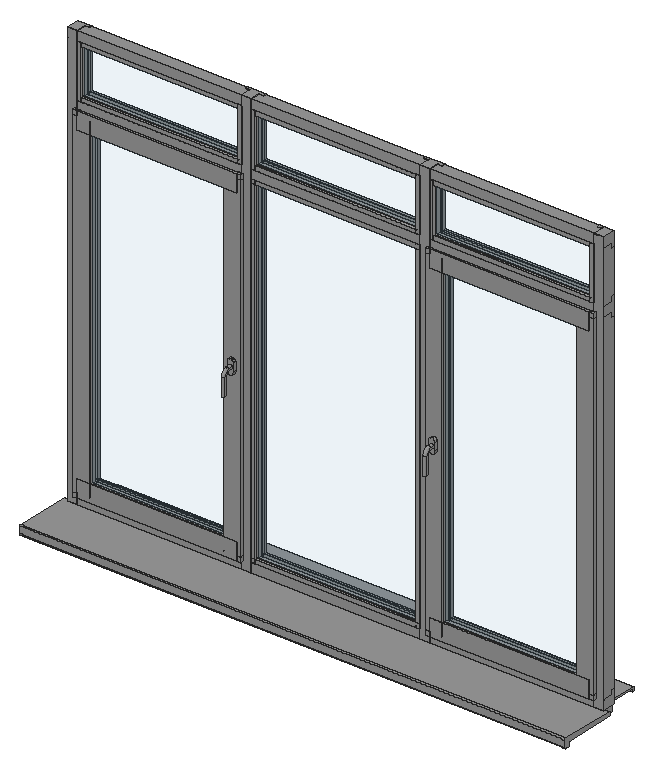
Revit family "deceuninck_okonniy_blok_trehstvorchatiy_s_verhnimi_framugami", category Windows, host Wall, Revit 2016
Family settings
  Host = Wall
  OmniClass Number = 23.30.20.00
  OmniClass Title = Windows
  Always vertical = Yes
  Cut with Voids When Loaded = No
  Shared = No
  Room Calculation Point = No
Parameters (values of type "Энвин ЭК- 60")
  Ширина профиля = 60 mm
  Ширина проема [instance] = ADSK_Ширина рамы + Монтажный зазор.Левый + Монтажный зазор.Правый  # 2440 mm
  Шир прав створка [instance] = if(Одинковые створки, ADSK_Ширина рамы / 3, Створка правая.Ширина)  # 800 mm
  Шир лев створка [instance] = if(Одинковые створки, ADSK_Ширина рамы / 3, Створка левая.Ширина)  # 800 mm
  Четверть.Ширина [instance] = 65 mm
  Четверть.Правая [instance] = if(and(Четверть правая.Видимость, Четверть), Четверть.Ширина, 0 mm)  # 65 mm
  Четверть.Левая [instance] = if(and(Четверть левая.Видимость, Четверть), Четверть.Ширина, 0 mm)  # 65 mm
  Четверть.Глубина [instance] = 120 mm
  Четверть.Высота [instance] = 65 mm
  Четверть правая.Видимость [instance] = yes
  Четверть левая.Видимость [instance] = yes
  Четверть.Врхняя [instance] = if(Четверть, Четверть.Высота, 0 mm)  # 65 mm
  Четверть [instance] = yes
  Цвет профиля = ""
  Формула стеклопакета = ""
  Толщина стеклопакета = "32"
  Стеклопакет.Толщина = 32 mm
  Створка.Высота [instance] = 1600 mm
  Створка центральная [instance] = stvorka : Глухая
  Створка правая.Ширина [instance] = 800 mm
  Створка правая [instance] = stvorka : Поворотная право
  Створка центральная.Ширина [instance] = ADSK_Ширина рамы - Шир прав створка - Шир лев створка  # 800 mm
  Створка левая.Ширина [instance] = 800 mm
  Створка левая [instance] = stvorka : Поворотная лево
  Система фурнитуры [instance] = ""
  Расчетное значение ветровой нагрузки [instance] = 400
  Рама.Окно.Ширина [instance] = 2400 mm
  Рама.Окно.Высота [instance] = 1900 mm
  Профильная система = "Энвин ЭКО 60"
  Проем.Окно.Ширина [instance] = 2440 mm
  Проем.Окно.Высота [instance] = 1955 mm
  Приточный клапан [instance] = yes
  Watermarked By = ""
  Rough Width = 0 mm  # constant formula
  Rough Height = 0 mm  # constant formula
  Подоконник.Глубина [instance] = 0 mm
  Подоконник. Видимость [instance] = yes
  Подоконник [instance] = podokonnik : ПВХ 250
  Площаль элемента [instance] = ADSK_Ширина рамы * ADSK_Высота рамы / 1000000 mm  # 4.56 mm
  Отлив.Свес [instance] = 35 mm
  Отлив.Видимость [instance] = yes
  Откосы.Глубина [instance] = 310 mm
  Одинковые створки [instance] = no
  Огнестойкость = "Е-15"
  Наименование = "Окно 3-створчатое с фрамугами сверху Энвин ЭКО-60"
  Монтажный зазор.Спереди [instance] = 10 mm
  Монтажный зазор.Правый [instance] = if(Четверть правая.Видимость, Монтажный зазор.Боковой, 0 mm)  # 20 mm
  Монтажный зазор.Низ [instance] = 10 mm
  Монтажный зазор.Левый [instance] = if(Четверть левая.Видимость, Монтажный зазор.Боковой, 0 mm)  # 20 mm
  Монтажный зазор.Верх [instance] = 20 mm
  Монтажный зазор.Боковой = 20 mm
  Материал-Стеклопакет = none
  Материал-Рама = none
  Материал-Подоконник = ПВХ, белый
  Материал-Отлив = Лист оцинкованый, белый
  Класс профиля = "Тип В"
  Завод-изготовитель [instance] = "ООО Декёнинк Рус, Россия"  # constant formula
  ГОСТ = "ГОСТ 30673-2013"
  Высота профиля створки = 76 mm
  Высота профиля рамы = 62 mm
  Высота профиля имоста = 82 mm
  Высота проема [instance] = ADSK_Высота рамы + 25 mm + Монтажный зазор.Верх + Монтажный зазор.Низ  # 1955 mm
  Height = 0 mm  # constant formula
  Высота подоконника по умолчанию = 800 mm
  Wall Closure = By host
  Width = 0 mm  # constant formula
  Артикул створки/армирование рстворки = "ZE 60D  /  AR1"
  Артикул рамы/армирование рамы = "LE 60D  /  AR1"
  Артикул импоста/армирование импоста = "TE 60D  /  20 x 35"
  Analytic Construction = "<Нет>"
  λ краевой зоны стеклопакета = 0.0600 (m²·K)/W
  Rстеклопакета = 0.7600 (m²·K)/W
  Rпрофиля = 0.6800 (m²·K)/W
  Rпривед [instance] = 1 / (((Ширина профиля / 1000 mm) * (5.4 - 4 * (Ширина профиля / 1000 mm)) / (1.8 * Rпрофиля / Rед)) + ((1.2 - 2 * (Ширина профиля / 1000 mm)) * (1.5 - 2 * (Ширина профиля / 1000 mm)) / (1.8 * Rстеклопакета / Rед)) + (5.4 - 8 * (Ширина профиля / 1000 mm)) * (λ краевой зоны стеклопакета / Rед))  # 0.61064
  Rед = 1.0000 (m²·K)/W
  Iфактич [instance] = ""
  Iтреб [instance] = if(or(Шир лев створка > Шир прав створка, Шир лев створка = Шир прав створка), ((Расчетное значение ветровой нагрузки / 1000000) * ((ADSK_Высота рамы / 10) ^ 4) * (Шир лев створка / 20) / (1 mm * 1920 mm * 210000 mm * (ADSK_Высота рамы / 3000)) * (25 - (40 * ((Шир лев створка / ADSK_Высота рамы) ^ 2)) + (16 * ((Шир лев створка / ADSK_Высота рамы) ^ 4)))) + ((Расчетное значение ветровой нагрузки / 1000000) * ((ADSK_Высота рамы / 10) ^ 4) * (Створка центральная.Ширина / 20) / (1 mm * 1920 mm * 210000 mm * (ADSK_Высота рамы / 3000)) * (25 - (40 * ((Створка центральная.Ширина / ADSK_Высота рамы) ^ 2)) + (16 * ((Створка центральная.Ширина / ADSK_Высота рамы) ^ 4)))), ((Расчетное значение ветровой нагрузки / 1000000) * ((ADSK_Высота рамы / 10) ^ 4) * (Створка центральная.Ширина / 20) / (1 mm * 1920 mm * 210000 mm * (ADSK_Высота рамы / 3000)) * (25 - (40 * ((Створка центральная.Ширина / ADSK_Высота рамы) ^ 2)) + (16 * ((Створка центральная.Ширина / ADSK_Высота рамы) ^ 4)))) + ((Расчетное значение ветровой нагрузки / 1000000) * ((ADSK_Высота рамы / 10) ^ 4) * (Шир прав створка / 20) / (1 mm * 1920 mm * 210000 mm * (ADSK_Высота рамы / 3000)) * (25 - (40 * ((Шир прав створка / ADSK_Высота рамы) ^ 2)) + (16 * ((Шир прав створка / ADSK_Высота рамы) ^ 4)))))  # 3.007 mm
  ADSK_Ширина рамы [instance] = 2400 mm
  ADSK_Позиция [instance] = ""
  ADSK_Высота рамы [instance] = 1900 mm
Reference planes
  plane 1 "По центру (Вперед/Назад)": y = 0
  plane 2 "По центру (Влево/Вправо)": x = 0
  plane 3 "Подоконник": z = 800
  plane 4 "Наружный": y = 250
  plane 5 "Внутренние": y = -250
  plane 6: x = -1220
  plane 7: x = 1220
  plane 8: x = -1155
  plane 9: x = 1155
  plane 10: y = 130
  plane 11: z = 2700
  plane 12: x = -1200
  plane 13: x = 1200
  plane 14: z = 775
  plane 15: z = 2720
  plane 16: z = 765
  plane 17: z = 2655
  plane 18: y = 120
  plane 19: y = 60
  plane 20: x = -1138
  plane 21: x = 1138
  plane 22: z = 2638
  plane 23: z = 862
  plane 24: x = 400
  plane 25: x = 359
  plane 26: x = 441
  plane 27: y = 107
  plane 28: y = 70
  plane 29: y = 450
  plane 30: x = -400
  plane 31: x = -441
  plane 32: x = -359
  plane 33: z = 2400
Forms (mm)
  Extrusion 1, void
    sketch origin (0, -250, 0) x (1, 0, 0) y (0, 0, 1)
      loop
        line (-1220, 2720) -> (-1220, 765) -> (1220, 765) -> (1220, 2720) -> (-1220, 2720)
    from 0 to -380
  Extrusion 2, void
    sketch origin (-2200.521, 130, 1000) x (1, 0, 0) y (0, 0, 1)
      loop
        line (1045.521, 1655) -> (1045.521, -235) -> (3355.521, -235) -> (3355.521, 1655) -> (1045.521, 1655)
    from 0 to -320
  Extrusion 3, solid, material <- "Материал-Рама", detail levels fine
    sketch origin (0, 0, 800) x (0, -1, 0) y (-1, 0, 0)
      loop
        line (-120, 1200) -> (-120, 1138) -> (-107, 1138) -> (-107, 1158) -> (-60, 1158) -> (-60, 1200) -> (-120, 1200)
      loop
        line (-120, -1138) -> (-120, -1200) -> (-60, -1200) -> (-60, -1158) -> (-107, -1158) -> (-107, -1138) -> (-120, -1138)
    from 0 to -1900
  Extrusion 4, solid, material <- "Материал-Рама", detail levels fine
    sketch origin (-750, 0, 0) x (0, -1, 0) y (0, 0, 1)
      loop
        line (-60, 800) -> (-60, 842) -> (-107, 842) -> (-107, 862) -> (-120, 862) -> (-120, 800) -> (-60, 800)
      loop
        line (-60, 2658) -> (-60, 2700) -> (-120, 2700) -> (-120, 2638) -> (-107, 2638) -> (-107, 2658) -> (-60, 2658)
    from 450 to -1950
  Extrusion 5, solid, material <- "Материал-Рама", detail levels fine
    sketch origin (0, 0, 800) x (0, -1, 0) y (-1, 0, 0)
      loop
        line (-120, -359) -> (-120, -441) -> (-107, -441) -> (-107, -421) -> (-60, -421) -> (-60, -379) -> (-107, -379) -> (-107, -359) -> (-120, -359)
    from 0 to -1900
  Extrusion 6, solid, material <- "Материал-Рама"
    sketch origin (-233.865, 107, 2257) x (0, 0, 1) y (-1, 0, 0)
      loop
        line (-1457, 966.135) -> (-1482, 966.135) -> (-1482, -1433.865) -> (-1457, -1433.865) -> (-1457, 966.135)
    from 0 to 37
  Extrusion 7, solid, material "Лист оцинкованый, белый" <- "Материал-Отлив", visible <- "Отлив.Видимость", detail levels fine
    sketch origin (1155, 531.754, 1000) x (0, 1, 0) y (0, 0, 1)
      loop
        line (-424.754, -225) -> (-251.754, -225) -> (-251.754, -235) -> (-246.754, -235) -> (-246.754, -220) -> (-424.754, -215) -> (-424.754, -225)
    from 0 to -2310
  Extrusion 8, solid, detail levels medium
    sketch origin (0, 0, 800) x (0, -1, 0) y (-1, 0, 0)
      loop
        line (-120, 1200) -> (-120, 1138) -> (-60, 1138) -> (-60, 1200) -> (-120, 1200)
      loop
        line (-120, -1200) -> (-60, -1200) -> (-60, -1138) -> (-120, -1138) -> (-120, -1200)
    from 0 to -1900
  Extrusion 9, solid, detail levels medium
    sketch origin (-750, 0, 0) x (0, -1, 0) y (0, 0, 1)
      loop
        line (-120, 2700) -> (-120, 2638) -> (-60, 2638) -> (-60, 2700) -> (-120, 2700)
      loop
        line (-60, 800) -> (-60, 862) -> (-120, 862) -> (-120, 800) -> (-60, 800)
    from -1950 to 450
  Extrusion 10, solid, detail levels coarse
    sketch origin (-750, 0, 0) x (0, -1, 0) y (0, 0, 1)
      loop
        line (-120, 2589) -> (-47, 2589) -> (-47, 2700) -> (-120, 2700) -> (-120, 2589)
      loop
        line (-47, 800) -> (-47, 911) -> (-120, 911) -> (-120, 800) -> (-47, 800)
      loop
        line (-47, 2489) -> (-120, 2489) -> (-120, 2311) -> (-47, 2311) -> (-47, 2489)
    from -1950 to 450
  Extrusion 11, solid, detail levels medium
    sketch origin (0, 0, 800) x (0, -1, 0) y (-1, 0, 0)
      loop
        line (-120, -379) -> (-120, -421) -> (-60, -421) -> (-60, -379) -> (-120, -379)
    from 0 to -1900
  Extrusion 12, solid, detail levels fine
    sketch origin (0, 0, 800) x (0, -1, 0) y (-1, 0, 0)
      loop
        line (-120, 441) -> (-120, 359) -> (-107, 359) -> (-107, 379) -> (-60, 379) -> (-60, 421) -> (-107, 421) -> (-107, 441) -> (-120, 441)
    from 0 to -1900
  Extrusion 13, solid, detail levels medium
    sketch origin (0, 0, 0) x (1, 0, 0) y (0, 1, 0)
      loop
        line (-421, 120) -> (-421, 60) -> (-379, 60) -> (-379, 120) -> (-421, 120)
    from 800 to 2700
  Extrusion 14, solid, detail levels coarse
    sketch origin (0, 0, 0) x (1, 0, 0) y (0, 1, 0)
      loop
        line (310, 120) -> (310, 47) -> (489, 47) -> (489, 120) -> (310, 120)
    from 800 to 2700
  Extrusion 15, solid, detail levels coarse
    sketch origin (0, 0, 0) x (1, 0, 0) y (0, 1, 0)
      loop
        line (-489, 120) -> (-489, 47) -> (-310, 47) -> (-310, 120) -> (-489, 120)
    from 800 to 2700
  Extrusion 16, solid, detail levels coarse
    sketch origin (0, 0, 0) x (1, 0, 0) y (0, 1, 0)
      loop
        line (-1200, 120) -> (-1200, 47) -> (-1090, 47) -> (-1090, 120) -> (-1200, 120)
      loop
        line (1090, 120) -> (1090, 47) -> (1200, 47) -> (1200, 120) -> (1090, 120)
    from 800 to 2700
  Extrusion 17, solid, detail levels medium+fine
    sketch origin (0, 0, 0) x (0, -1, 0) y (0, 0, 1)
      loop
        line (-120, 2359) -> (-107, 2359) -> (-107, 2379) -> (-60, 2379) -> (-60, 2421) -> (-107, 2421) -> (-107, 2441) -> (-120, 2441) -> (-120, 2359)
    from -1200 to 1200
  Extrusion 18, solid, detail levels medium
    sketch origin (-750, 0, 0) x (0, -1, 0) y (0, 0, 1)
      loop
        line (-60, 2421) -> (-120, 2421) -> (-120, 2379) -> (-60, 2379) -> (-60, 2421)
    from -1950 to 450
Lines and regions (mm)
  symbolic lines, style "Windows"
    curve 1: line (-1200, 130, 0) -> (1200, 130, 0)
Text (mm)
  text "Наружный" at (0, 923.751, 2943.296), in view "Справа"
  text "Наружный" at (0, 1040.484, 2685.409), in view "Слева"
Dimensions and locks
  "Высота подоконника по умолчанию": plane 3 "Подоконник" to level
  locked: plane 4 "Наружный" to host wall at 0
  locked: plane 5 "Внутренние" to host wall
  "Четверть.Глубина": plane 10 to plane 4 "Наружный"
  "ADSK_Высота рамы": plane 11 to plane 3 "Подоконник"
  "Монтажный зазор.Верх": plane 15 to plane 11
  locked: plane 3 "Подоконник" to plane 14 at 25
  "Монтажный зазор.Низ": plane 14 to plane 16
  "Четверть.Врхняя": plane 15 to plane 17
  equal spacing: plane 13, plane 2 "По центру (Влево/Вправо)", plane 12
  "ADSK_Ширина рамы": plane 13 to plane 12
  "Четверть.Левая": plane 8 to plane 6
  "Четверть.Правая": plane 7 to plane 9
  "Монтажный зазор.Левый": plane 12 to plane 6
  "Монтажный зазор.Правый": plane 13 to plane 7
  "Монтажный зазор.Спереди": plane 10 to plane 18
  "Ширина профиля": plane 18 to plane 19
  "Высота профиля рамы": plane 12 to plane 20
  locked: Extrusion 3 sketch curve to Extrusion 3 sketch curve at 13  (x2)
  locked: Extrusion 3 sketch curve to Extrusion 3 sketch curve at 20  (x2)
  "Высота профиля рамы": plane 21 to plane 13
  "Высота профиля рамы": plane 11 to plane 22
  "Высота профиля рамы": plane 3 "Подоконник" to plane 23
  locked: Extrusion 4 sketch curve to Extrusion 4 sketch curve at 13  (x2)
  locked: Extrusion 4 sketch curve to Extrusion 4 sketch curve at 20  (x2)
  equal spacing: plane 25, plane 24, plane 26
  "Высота профиля имоста": plane 25 to plane 26
  locked: Extrusion 5 sketch curve to plane 26 at 20
  locked: plane 25 to Extrusion 5 sketch curve at 20
  locked: plane 18 to plane 27 at 13
  locked: plane 28 to plane 19 at 10
  locked: Extrusion 7 sketch curve to Extrusion 7 sketch curve at 5  (x2)
  locked: Extrusion 7 sketch curve to Extrusion 7 sketch curve at 10
  "Отлив.Свес": Extrusion 7 to plane 4 "Наружный"
  locked: plane 4 "Наружный" to plane 29 at 200
  "Шир лев створка": plane 30 to plane 12
  equal spacing: plane 31, plane 30, plane 32
  "Высота профиля имоста": plane 31 to plane 32
  locked: Extrusion 12 sketch curve to Extrusion 12 sketch curve at 20  (x2)
  "Шир прав створка": plane 24 to plane 13
  "Откосы.Глубина": plane 19 to plane 5 "Внутренние"
  "Створка.Высота": plane 33 to plane 3 "Подоконник"
  locked: Extrusion 17 sketch curve to Extrusion 17 sketch curve at 20  (x2)
  "Высота профиля имоста": Extrusion 17 sketch curve to Extrusion 17 sketch curve
  equal spacing: Extrusion 17 sketch curve, plane 33, Extrusion 17 sketch curve
  "Проем.Окно.Ширина": plane 7 to plane 6
  "Рама.Окно.Ширина": plane 13 to plane 12
  "Проем.Окно.Высота": plane 15 to plane 16
  "Рама.Окно.Высота": plane 11 to plane 3 "Подоконник"
  aligned and locked: Extrusion 1 sketch curve to plane 15
  aligned and locked: Extrusion 1 sketch curve to plane 6
  aligned and locked: Extrusion 1 sketch curve to plane 7
  aligned and locked: Extrusion 1 sketch curve to plane 16
  aligned and locked: plane 10 to Extrusion 1
  aligned and locked: Extrusion 2 sketch curve to plane 17
  aligned and locked: Extrusion 2 sketch curve to plane 8
  aligned and locked: Extrusion 2 sketch curve to plane 9
  aligned and locked: Extrusion 2 sketch curve to plane 16
  aligned and locked: Extrusion 3 sketch curve to plane 18
  aligned and locked: Extrusion 3 sketch curve to plane 19
  aligned and locked: Extrusion 3 sketch curve to plane 20
  aligned and locked: Extrusion 3 sketch curve to plane 12
  aligned and locked: plane 18 to Extrusion 3 sketch curve
  aligned and locked: plane 19 to Extrusion 3 sketch curve
  aligned and locked: Extrusion 3 sketch curve to plane 13
  aligned and locked: Extrusion 3 sketch curve to plane 21
  aligned and locked: plane 11 to Extrusion 3
  aligned and locked: Extrusion 4 sketch curve to plane 19  (x2)
  aligned and locked: Extrusion 4 sketch curve to plane 18  (x2)
  aligned and locked: Extrusion 4 sketch curve to plane 23
  aligned and locked: Extrusion 4 sketch curve to plane 3 "Подоконник"
  aligned and locked: Extrusion 4 sketch curve to plane 22
  aligned and locked: Extrusion 4 sketch curve to plane 11
  aligned and locked: Extrusion 4 to plane 13
  aligned and locked: Extrusion 4 to plane 12
  aligned and locked: Extrusion 5 sketch curve to plane 18
  aligned and locked: Extrusion 5 sketch curve to plane 19
  aligned and locked: plane 11 to Extrusion 5
  aligned and locked: Extrusion 6 sketch curve to plane 12
  aligned and locked: Extrusion 6 sketch curve to plane 3 "Подоконник"
  aligned and locked: Extrusion 6 sketch curve to plane 14
  aligned and locked: plane 13 to Extrusion 6 sketch curve
  aligned and locked: plane 28 to Extrusion 6
  aligned and locked: nested 1 to plane 3 "Подоконник"
  aligned and locked: plane 28 to nested 1
  aligned and locked: nested 1 to plane 2 "По центру (Влево/Вправо)"
  aligned and locked: plane 14 to Extrusion 7 sketch curve
  aligned and locked: Extrusion 7 to plane 8
  aligned and locked: plane 27 to Extrusion 7 sketch curve
  aligned and locked: plane 29 to Extrusion 2
  aligned and locked: curve 1 to plane 10
  aligned and locked: plane 11 to Extrusion 8
  aligned and locked: Extrusion 9 sketch curve to plane 11
  aligned and locked: Extrusion 9 sketch curve to plane 22
  aligned and locked: Extrusion 9 sketch curve to plane 19  (x2)
  aligned and locked: Extrusion 9 sketch curve to plane 18  (x2)
  aligned and locked: Extrusion 9 sketch curve to plane 3 "Подоконник"
  aligned and locked: Extrusion 9 sketch curve to plane 23
  aligned and locked: Extrusion 9 to plane 13
  aligned and locked: Extrusion 8 sketch curve to plane 20
  aligned and locked: Extrusion 8 sketch curve to plane 19  (x2)
  aligned and locked: Extrusion 8 sketch curve to plane 12
  aligned and locked: plane 13 to Extrusion 8 sketch curve
  aligned and locked: plane 21 to Extrusion 8 sketch curve
  aligned and locked: Extrusion 10 sketch curve to plane 18  (x2)
  aligned and locked: Extrusion 10 sketch curve to plane 11
  aligned and locked: Extrusion 10 sketch curve to plane 3 "Подоконник"
  aligned and locked: Extrusion 10 to plane 13
  aligned and locked: Extrusion 8 sketch curve to plane 18  (x2)
  aligned and locked: Extrusion 11 sketch curve to Extrusion 5  (x3)
  aligned and locked: plane 11 to Extrusion 11
  aligned and locked: Extrusion 10 to plane 12
  aligned and locked: Extrusion 9 to plane 12
  aligned and locked: Extrusion 12 sketch curve to plane 18
  aligned and locked: Extrusion 12 sketch curve to plane 19
  aligned and locked: Extrusion 12 sketch curve to plane 32
  aligned and locked: Extrusion 12 sketch curve to plane 31
  aligned and locked: Extrusion 12 sketch curve to plane 27  (x2)
  aligned and locked: plane 3 "Подоконник" to Extrusion 12
  aligned and locked: plane 3 "Подоконник" to Extrusion 5
  aligned and locked: plane 11 to Extrusion 12
  aligned and locked: Extrusion 13 sketch curve to Extrusion 12  (x3)
  aligned and locked: Extrusion 12 to Extrusion 13 sketch curve
  aligned and locked: plane 11 to Extrusion 13
  aligned and locked: plane 3 "Подоконник" to Extrusion 13
  aligned and locked: Extrusion 14 sketch curve to plane 18
  aligned and locked: Extrusion 10 to Extrusion 14 sketch curve
  aligned and locked: Extrusion 10 to Extrusion 15 sketch curve
  aligned and locked: Extrusion 15 sketch curve to plane 18
  aligned and locked: plane 11 to Extrusion 15
  aligned and locked: plane 3 "Подоконник" to Extrusion 15
  aligned and locked: plane 3 "Подоконник" to Extrusion 14
  aligned and locked: plane 11 to Extrusion 14
  aligned and locked: Extrusion 16 sketch curve to plane 12
  aligned and locked: Extrusion 16 sketch curve to plane 18  (x2)
  aligned and locked: Extrusion 16 sketch curve to Extrusion 10
  aligned and locked: Extrusion 10 to Extrusion 16 sketch curve
  aligned and locked: plane 13 to Extrusion 16 sketch curve
  aligned and locked: plane 11 to Extrusion 16
  aligned and locked: plane 3 "Подоконник" to Extrusion 16
  aligned and locked: nested 2 to Extrusion 4
  aligned and locked: plane 27 to nested 2
  aligned and locked: Extrusion 3 to nested 2
  aligned and locked: nested 2 to Extrusion 13
  aligned and locked: nested 3 to Extrusion 4
  aligned and locked: plane 27 to nested 3
  aligned and locked: Extrusion 13 to nested 3
  aligned and locked: nested 3 to Extrusion 11
  aligned and locked: nested 4 to Extrusion 4
  aligned and locked: plane 27 to nested 4
  aligned and locked: Extrusion 11 to nested 4
  aligned and locked: nested 4 to Extrusion 3
  aligned and locked: Extrusion 17 sketch curve to plane 18
  aligned and locked: Extrusion 17 sketch curve to plane 19
  aligned and locked: Extrusion 17 sketch curve to plane 27
  aligned and locked: Extrusion 17 to plane 13
  aligned and locked: Extrusion 17 to plane 12
  aligned and locked: Extrusion 18 sketch curve to Extrusion 17  (x3)
  aligned and locked: Extrusion 17 to Extrusion 18 sketch curve
  aligned and locked: Extrusion 18 to plane 12
  aligned and locked: Extrusion 18 to plane 13
  aligned and locked: nested 4 to Extrusion 17
  aligned and locked: nested 3 to Extrusion 17
  aligned and locked: nested 2 to Extrusion 17
  aligned and locked: nested 5 to Extrusion 4
  aligned and locked: nested 5 to Extrusion 17
  aligned and locked: plane 27 to nested 5
  aligned and locked: Extrusion 3 to nested 5
  aligned and locked: nested 5 to Extrusion 13
  aligned and locked: nested 6 to Extrusion 4
  aligned and locked: nested 6 to Extrusion 17
  aligned and locked: plane 27 to nested 6
  aligned and locked: nested 6 to Extrusion 5
  aligned and locked: Extrusion 13 to nested 6
  aligned and locked: nested 7 to Extrusion 4
  aligned and locked: nested 7 to Extrusion 17
  aligned and locked: plane 27 to nested 7
  aligned and locked: Extrusion 11 to nested 7
  aligned and locked: nested 7 to Extrusion 3
  aligned and locked: nested 5 to Extrusion 10 sketch curve  (x2)
  aligned and locked: Extrusion 10 sketch curve to nested 2
  aligned and locked: Extrusion 14 sketch curve to nested 7
  aligned and locked: Extrusion 15 sketch curve to nested 5
  aligned and locked: Extrusion 16 sketch curve to nested 5
  aligned and locked: Extrusion 16 sketch curve to nested 7
Automatic sketch dimensions
  host wall to Extrusion 7 sketch curve = 30 mm
  Extrusion 7 sketch curve to Extrusion 7 sketch curve = 10 mm
  curve 1 to plane 12 = 0 mm
  curve 1 to plane 13 = 0 mm
  plane 27 to Extrusion 5 sketch curve = 0 mm  (x2)
  Extrusion 5 sketch curve to plane 25 = 0 mm
  Extrusion 5 sketch curve to plane 26 = 0 mm
  Extrusion 10 sketch curve to plane 18 = 0 mm
  Extrusion 10 sketch curve to plane 19 = 13 mm  (x2)
  Extrusion 11 sketch curve to plane 18 = 0 mm
  Extrusion 14 sketch curve to plane 25 = 49 mm
  plane 32 to Extrusion 15 sketch curve = 49 mm
  plane 23 to Extrusion 10 sketch curve = 49 mm
  plane 22 to Extrusion 10 sketch curve = 49 mm
  Extrusion 17 sketch curve to plane 27 = 0 mm
Nested families
  nested 1: "podokonnik" at (0, 70, 800), Материал-Подоконник <- "Материал-Подоконник", Длина подоконника <- "Ширина проема", type <- "Подоконник", visible <- "Подоконник. Видимость", type "ПВХ 250", detail levels fine
    with Материал-Подоконник ПВХ, белый, Длина подоконника 2440 mm
  nested 2: "stvorka" at (-789.5, 107, 842), Профиль.Ширина <- "Ширина профиля", Стеклопакет.Толщина <- "Стеклопакет.Толщина", type <- "Створка левая", Профиль.Высота <- "Высота профиля створки", type "Поворотная лево"
    with Стеклопакет.Толщина 32 mm, Створка.Ширина 737 mm, Створка.Высота 1537 mm, Ручка.Расстояние от низа створки 768.5 mm, Профиль.Ширина 60 mm, Профиль.Высота 76 mm, Материал.Профиль none
  nested 3: "stvorka" at (0, 107, 842), Профиль.Ширина <- "Ширина профиля", Стеклопакет.Толщина <- "Стеклопакет.Толщина", type <- "Створка центральная", Профиль.Высота <- "Высота профиля створки", type "Глухая"
    with Стеклопакет.Толщина 32 mm, Створка.Ширина 758 mm, Створка.Высота 1537 mm, Ручка.Расстояние от низа створки 768.5 mm, Профиль.Ширина 60 mm, Профиль.Высота 76 mm, Материал.Профиль none
  nested 4: "stvorka" at (789.5, 107, 842), Профиль.Ширина <- "Ширина профиля", Стеклопакет.Толщина <- "Стеклопакет.Толщина", type <- "Створка правая", Профиль.Высота <- "Высота профиля створки", type "Поворотная право"
    with Стеклопакет.Толщина 32 mm, Створка.Ширина 737 mm, Створка.Высота 1537 mm, Ручка.Расстояние от низа створки 768.5 mm, Профиль.Ширина 60 mm, Профиль.Высота 76 mm, Материал.Профиль none
  nested 5: "stvorka" at (-789.5, 107, 2421), Профиль.Ширина <- "Ширина профиля", Стеклопакет.Толщина <- "Стеклопакет.Толщина", Профиль.Высота <- "Высота профиля створки", type "Глухая"
    with Стеклопакет.Толщина 32 mm, Створка.Ширина 737 mm, Створка.Высота 237 mm, Ручка.Расстояние от низа створки 118.5 mm, Профиль.Ширина 60 mm, Профиль.Высота 76 mm, Материал.Профиль none
  nested 6: "stvorka" at (0, 107, 2421), Профиль.Ширина <- "Ширина профиля", Стеклопакет.Толщина <- "Стеклопакет.Толщина", Профиль.Высота <- "Высота профиля створки", type "Глухая"
    with Стеклопакет.Толщина 32 mm, Створка.Ширина 758 mm, Створка.Высота 237 mm, Ручка.Расстояние от низа створки 118.5 mm, Профиль.Ширина 60 mm, Профиль.Высота 76 mm, Материал.Профиль none
  nested 7: "stvorka" at (789.5, 107, 2421), Профиль.Ширина <- "Ширина профиля", Стеклопакет.Толщина <- "Стеклопакет.Толщина", Профиль.Высота <- "Высота профиля створки", type "Глухая"
    with Стеклопакет.Толщина 32 mm, Створка.Ширина 737 mm, Створка.Высота 237 mm, Ручка.Расстояние от низа створки 118.5 mm, Профиль.Ширина 60 mm, Профиль.Высота 76 mm, Материал.Профиль none
Definition of nested family "podokonnik"
  Parameters (values of type "ПВХ 150")
    Материал-Подоконник [instance] = none
    Длина подоконника [instance] = 1500 mm
    Глубина подоконника = 150 mm
    Watermarked By = ""
    Type Comments = "﻿﻿                                               ﻿                     ﻿    ﻿ ​                         ﻿           ﻿    ​​          ​​﻿           ​​   ​        ​     ﻿    ﻿﻿"
    Keynote = "﻿﻿                                               ﻿                     ﻿    ﻿ ​                         ﻿           ﻿    ​​          ​​﻿           ​​   ​        ​     ﻿    ﻿﻿"
    Description = "﻿﻿                                               ﻿                     ﻿    ﻿ ​                         ﻿           ﻿    ​​          ​​﻿           ​​   ​        ​     ﻿    ﻿﻿"
    Assembly Code = "﻿﻿                                               ﻿                     ﻿    ﻿ ​                         ﻿           ﻿    ​​          ​​﻿           ​​   ​        ​     ﻿    ﻿﻿"
  Types (13, lengths in mm): name | Глубина подоконника
    ПВХ 100 | 100
    ПВХ 150 | 150
    ПВХ 200 | 200
    ПВХ 250 | 250
    ПВХ 300 | 300
    ПВХ 350 | 350
    ПВХ 400 | 400
    ПВХ 450 | 450
    ПВХ 500 | 500
    ПВХ 550 | 550
    ПВХ 600 | 600
    ПВХ 650 | 650
    ПВХ 700 | 700
  Reference planes
    plane 1 "По центру (Вперед/Назад)": y = 0
    plane 2: z = 0
    plane 3 "По центру (Влево/Вправо)": x = 0
    plane 4: y = -150
    plane 5: x = 750
    plane 6: x = -750
  Forms (mm)
    Extrusion 1, solid, material <- "Материал-Подоконник"
      sketch origin (0, 0, 0) x (0, 1, 0) y (0, 0, 1)
        loop
          line (0, 0) -> (-146, 0)
          arc (-146, 0) -> (-148.828, -1.172) -> (-150, -4) r 4
          line (-150, -4) -> (-150, -36)
          arc (-150, -36) -> (-148.828, -38.828) -> (-146, -40) r 4
          line (-146, -40) -> (-130, -40) -> (-130, -20) -> (0, -20) -> (0, 0)
      from -750 to 750
  Dimensions and locks
    "Глубина подоконника": plane 1 "По центру (Вперед/Назад)" to plane 4
    equal spacing: plane 6, plane 3 "По центру (Влево/Вправо)", plane 5
    "Длина подоконника": plane 6 to plane 5
    aligned and locked: level to plane 2
    aligned and locked: plane 2 to Extrusion 1 sketch curve
    aligned and locked: plane 4 to Extrusion 1 sketch curve  (x2)
    aligned and locked: plane 5 to Extrusion 1
    aligned and locked: Extrusion 1 to plane 6
  Automatic sketch dimensions
    Extrusion 1 sketch curve to plane 1 "По центру (Вперед/Назад)" = 0 mm
    Extrusion 1 sketch curve to level = 20 mm
    Extrusion 1 sketch curve to level = 4 mm
    Extrusion 1 sketch curve to Extrusion 1 sketch curve = 16 mm  (x2)
    Extrusion 1 sketch curve to Extrusion 1 sketch curve = 4 mm
Definition of nested family "stvorka"
  Parameters (values of type "Поворотно-откидная лево")
    Стеклопакет.Толщина [instance] = 32 mm
    Створка.Ширина [instance] = 700 mm
    Створка.Открытие = not(Створка.Глухая)  # yes
    Створка.Высота [instance] = 1400 mm
    Ручка.Расстояние от низа створки [instance] = Створка.Высота / 2  # 700 mm
    Ручка справа = yes
    Ручка снизу = no
    Ручка слева = no
    Ручка сверху. = no
    Профиль.Ширина [instance] = 58 mm
    Профиль.Высота [instance] = 77 mm
    Открывание правое = no
    Открывание низ = no
    Открывание левое = yes
    Открывание верх = yes
    Створка.Глухая = no
    Материал.Стеклопакет = none
    Материал.Профиль [instance] = none
    Watermarked By = ""
    Type Comments = "﻿﻿                                               ﻿                     ﻿    ﻿ ​                         ﻿           ﻿    ​​          ​​﻿           ​​   ​        ​     ﻿    ﻿﻿"
    Keynote = "﻿﻿                                               ﻿                     ﻿    ﻿ ​                         ﻿           ﻿    ​​          ​​﻿           ​​   ​        ​     ﻿    ﻿﻿"
    Description = "﻿﻿                                               ﻿                     ﻿    ﻿ ​                         ﻿           ﻿    ​​          ​​﻿           ​​   ​        ​     ﻿    ﻿﻿"
    Assembly Code = "﻿﻿                                               ﻿                     ﻿    ﻿ ​                         ﻿           ﻿    ​​          ​​﻿           ​​   ​        ​     ﻿    ﻿﻿"
    Analytic Construction = "<Нет>"
  Types (5, lengths in mm): name | Створка.Ширина | Створка.Открытие | Створка.Высота | Ручка.Расстояние от низа створки | Ручка справа | Ручка слева | Открывание правое | Открывание левое | Открывание верх | Створка.Глухая
    Глухая | 600 | no | 1500 | 750 | no | no | no | no | no | yes
    Поворотная право | 600 | yes | 1500 | 750 | no | yes | yes | no | no | no
    Поворотная лево | 600 | yes | 1500 | 750 | yes | no | no | yes | no | no
    Поворотно-откидная право | 600 | yes | 1500 | 750 | no | yes | yes | no | yes | no
    Поворотно-откидная лево | 700 | yes | 1400 | 700 | yes | no | no | yes | yes | no
  Reference planes
    plane 1 "По центру (Вперед/Назад)": y = 0
    plane 2: z = 0
    plane 3 "По центру (Влево/Вправо)": x = 0
    plane 4: x = -338
    plane 5: x = 338
    plane 6: y = -58
    plane 7: z = 1400
    plane 8: y = -16
    plane 9: y = -48
    plane 10: y = -51
    plane 11: x = -350
    plane 12: x = 350
    plane 13: z = 12
    plane 14: z = -8
    plane 15: z = 1408
    plane 16: z = 1388
    plane 17: z = 700
    plane 18: x = -358
    plane 19: x = -281
    plane 20: x = 358
    plane 21: x = 281
    plane 22: z = 1331
    plane 23: z = 69
    plane 24: z = 700
  Forms (mm)
    Extrusion 1, solid, material <- "Материал.Профиль", visible <- "Створка.Открытие", detail levels fine
      sketch origin (0, 0, 0) x (1, 0, 0) y (0, 1, 0)
        loop
          line (-338, 0) -> (-338, -45) -> (-358, -45) -> (-358, -58) -> (-281, -58) -> (-281, -51) -> (-301, -51) -> (-301, -13) -> (-281, -13) -> (-284, 0) -> (-338, 0)
        loop
          line (338, 0) -> (284, 0) -> (281, -13) -> (301, -13) -> (301, -51) -> (281, -51) -> (281, -58) -> (358, -58) -> (358, -45) -> (338, -45) -> (338, 0)
      from 12 to 1388
    Extrusion 2, solid, visible <- "Створка.Открытие", detail levels fine
      sketch origin (0, 0, 0) x (1, 0, 0) y (0, 1, 0)
        loop
          line (-301, -13) -> (-301, -51) -> (-281, -51) -> (-281, -48) -> (-291, -48) -> (-291, -16) -> (-281, -16) -> (-281, -13) -> (-301, -13)
        loop
          line (301, -13) -> (281, -13) -> (281, -16) -> (291, -16) -> (291, -48) -> (281, -48) -> (281, -51) -> (301, -51) -> (301, -13)
      from 49 to 1351
    Extrusion 3, solid, material <- "Материал.Профиль", visible <- "Створка.Открытие", detail levels fine
      sketch origin (0, 0, 12) x (0, 1, 0) y (0, 0, 1)
        loop
          line (-58, 57) -> (-58, -20) -> (-45, -20) -> (-45, 0) -> (0, 0) -> (0, 54) -> (-13, 57) -> (-13, 37) -> (-51, 37) -> (-51, 57) -> (-58, 57)
        loop
          line (-58, 1319) -> (-51, 1319) -> (-51, 1339) -> (-13, 1339) -> (-13, 1319) -> (0, 1322) -> (0, 1376) -> (-45, 1376) -> (-45, 1396) -> (-58, 1396) -> (-58, 1319)
      from -338 to 338
    Extrusion 4, solid, visible <- "Створка.Открытие", detail levels fine
      sketch origin (0, 0, 0) x (0, 1, 0) y (0, 0, 1)
        loop
          line (-16, 69) -> (-16, 59) -> (-48, 59) -> (-48, 69) -> (-51, 69) -> (-51, 49) -> (-13, 49) -> (-13, 69) -> (-16, 69)
        loop
          line (-51, 1351) -> (-51, 1331) -> (-48, 1331) -> (-48, 1341) -> (-16, 1341) -> (-16, 1331) -> (-13, 1331) -> (-13, 1351) -> (-51, 1351)
      from -301 to 301
    Extrusion 5, solid, material <- "Материал.Профиль", visible <- "Створка.Открытие", detail levels fine
      sketch origin (-963, -48, 1200) x (-1, 0, 0) y (0, 0, 1)
        loop
          line (-605, 208) -> (-625, 208) -> (-625, 188) -> (-605, 188) -> (-605, 208)
        loop
          line (-1301, 208) -> (-1321, 208) -> (-1321, 188) -> (-1301, 188) -> (-1301, 208)
        loop
          line (-625, -1188) -> (-625, -1208) -> (-605, -1208) -> (-605, -1188) -> (-625, -1188)
        loop
          line (-1321, -1188) -> (-1321, -1208) -> (-1301, -1208) -> (-1301, -1188) -> (-1321, -1188)
      from 3 to -10
    Extrusion 6, solid, material <- "Материал.Стеклопакет", visible <- "Створка.Открытие"
      sketch origin (0, -16, 59) x (0, -1, 0) y (1, 0, 0)
        loop
          line (0, 291) -> (0, -291) -> (32, -291) -> (32, 291) -> (0, 291)
      from 0 to 1282
    Extrusion 7, solid, material <- "Материал.Профиль", visible <- "Створка.Открытие", detail levels medium
      sketch origin (0, 0, 0) x (1, 0, 0) y (0, 1, 0)
        loop
          line (-281, 0) -> (-358, 0) -> (-358, -58) -> (-281, -58) -> (-281, 0)
        loop
          line (358, 0) -> (281, 0) -> (281, -58) -> (358, -58) -> (358, 0)
      from 12 to 1388
    Extrusion 8, solid, material <- "Материал.Профиль", visible <- "Створка.Открытие", detail levels medium
      sketch origin (0, 0, 0) x (0, 1, 0) y (0, 0, 1)
        loop
          line (0, 1408) -> (-58, 1408) -> (-58, 1331) -> (0, 1331) -> (0, 1408)
        loop
          line (0, 69) -> (-58, 69) -> (-58, -8) -> (0, -8) -> (0, 69)
      from -358 to 358
    Extrusion 9, solid, material <- "Материал.Профиль", visible <- "Створка.Глухая", detail levels fine
      sketch origin (0, 0, 0) x (0, 1, 0) y (0, 0, 1)
        loop
          line (-45, 1400) -> (-45, 1383) -> (-38, 1380) -> (-38, 1400) -> (-45, 1400)
        loop
          line (-45, 0) -> (-38, 0) -> (-38, 20) -> (-45, 17) -> (-45, 0)
      from -350 to 350
    Extrusion 10, solid, visible <- "Створка.Глухая", detail levels fine
      sketch origin (0, 0, 0) x (0, 1, 0) y (0, 0, 1)
        loop
          line (0, 1400) -> (-38, 1400) -> (-38, 1380) -> (-35, 1380) -> (-35, 1390) -> (-3, 1390) -> (-3, 1380) -> (0, 1380) -> (0, 1400)
        loop
          line (0, 0) -> (0, 20) -> (-3, 20) -> (-3, 10) -> (-35, 10) -> (-35, 20) -> (-38, 20) -> (-38, 0) -> (0, 0)
      from -350 to 350
    Extrusion 11, solid, visible <- "Створка.Глухая", detail levels fine
      sketch origin (0, 0, 0) x (1, 0, 0) y (0, 1, 0)
        loop
          line (-350, 0) -> (-350, -38) -> (-330, -38) -> (-330, -35) -> (-340, -35) -> (-340, -3) -> (-330, -3) -> (-330, 0) -> (-350, 0)
        loop
          line (350, 0) -> (330, 0) -> (330, -3) -> (340, -3) -> (340, -35) -> (330, -35) -> (330, -38) -> (350, -38) -> (350, 0)
      from 0 to 1400
    Extrusion 12, solid, material <- "Материал.Профиль", visible <- "Створка.Глухая", detail levels fine
      sketch origin (0, 0, 0) x (1, 0, 0) y (0, 1, 0)
        loop
          line (-350, -38) -> (-350, -45) -> (-333, -45) -> (-330, -38) -> (-350, -38)
        loop
          line (350, -38) -> (330, -38) -> (333, -45) -> (350, -45) -> (350, -38)
      from 0 to 1400
    Extrusion 13, solid, material <- "Материал.Стеклопакет", visible <- "Створка.Глухая"
      sketch origin (0, 0, 0) x (1, 0, 0) y (0, 1, 0)
        loop
          line (-340, -3) -> (-340, -35) -> (340, -35) -> (340, -3) -> (-340, -3)
      from 10 to 1390
    Extrusion 14, solid, material <- "Материал.Профиль", visible <- "Створка.Глухая", detail levels medium
      sketch origin (0, 0, 0) x (1, 0, 0) y (0, 1, 0)
        loop
          line (-330, 0) -> (-350, 0) -> (-350, -45) -> (-330, -45) -> (-330, 0)
        loop
          line (350, 0) -> (330, 0) -> (330, -45) -> (350, -45) -> (350, 0)
      from 0 to 1400
    Extrusion 15, solid, material <- "Материал.Профиль", visible <- "Створка.Глухая", detail levels medium
      sketch origin (-350, 682.027, 1200) x (0, 1, 0) y (0, 0, 1)
        loop
          line (-682.027, 180) -> (-682.027, 200) -> (-727.027, 200) -> (-727.027, 180) -> (-682.027, 180)
        loop
          line (-682.027, -1200) -> (-682.027, -1180) -> (-727.027, -1180) -> (-727.027, -1200) -> (-682.027, -1200)
      from 0 to 700
  Lines and regions (mm)
    symbolic lines, visible <- "Открывание правое"
      curve 1: line (281, 0, 1331) -> (-281, 0, 700)
      curve 2: line (-281, 0, 700) -> (281, 0, 69)
    symbolic lines, visible <- "Открывание левое"
      curve 3: line (-281, 0, 1331) -> (281, 0, 700)
      curve 4: line (281, 0, 700) -> (-281, 0, 69)
    symbolic lines, visible <- "Открывание верх"
      curve 5: line (-281, 0, 69) -> (0, 0, 1331)
      curve 6: line (0, 0, 1331) -> (281, 0, 69)
    symbolic lines, visible <- "Открывание низ"
      curve 7: line (-281, 0, 1331) -> (0, 0, 69)
      curve 8: line (0, 0, 69) -> (281, 0, 1331)
    symbolic lines, visible <- "Створка.Глухая"
      curve 9: line (0, 0, 650) -> (0, 0, 750)
      curve 10: line (-50, 0, 700) -> (50, 0, 700)
  Dimensions and locks
    locked: Extrusion 1 sketch curve to Extrusion 1 sketch curve at 13  (x2)
    "Профиль.Ширина": plane 1 "По центру (Вперед/Назад)" to plane 6
    "Стеклопакет.Толщина": plane 8 to plane 9
    locked: plane 8 to plane 1 "По центру (Вперед/Назад)" at 16
    locked: Extrusion 1 to Extrusion 2 sketch curve at 10
    locked: Extrusion 2 sketch curve to Extrusion 1 at 10
    locked: plane 9 to plane 10 at 3
    locked: Extrusion 3 sketch curve to Extrusion 3 sketch curve at 13  (x2)
    locked: Extrusion 4 sketch curve to Extrusion 3 at 10  (x2)
    "Створка.Высота": plane 7 to plane 2
    locked: plane 4 to plane 11 at 12
    locked: plane 12 to plane 5 at 12
    equal spacing: plane 12, plane 3 "По центру (Влево/Вправо)", plane 11
    "Створка.Ширина": plane 12 to plane 11
    locked: plane 15 to plane 7 at 8
    locked: plane 7 to plane 16 at 12
    locked: plane 2 to plane 14 at 8
    locked: plane 13 to plane 2 at 12
    "Профиль.Высота": plane 18 to plane 19
    "Профиль.Высота": plane 21 to plane 20
    locked: plane 21 to Extrusion 2 at 20
    "Профиль.Высота": plane 22 to plane 15
    locked: plane 11 to plane 18 at 8
    locked: plane 20 to plane 12 at 8
    locked: Extrusion 2 to plane 19 at 20
    "Профиль.Высота": plane 23 to plane 14
    "Ручка.Расстояние от низа створки": plane 17 to plane 2
    locked: nested 3 to plane 13 at 18.5
    locked: nested 4 to plane 16 at 18.5
    locked: nested 1 to plane 4 at 18.5
    locked: plane 5 to nested 2 at 18.5
    equal spacing: plane 7, plane 24, plane 2
    locked: Extrusion 10 sketch curve to Extrusion 10 sketch curve at 20  (x2)
    locked: plane 1 "По центру (Вперед/Назад)" to Extrusion 10 sketch curve at 3  (x2)
    "Стеклопакет.Толщина": Extrusion 10 sketch curve to Extrusion 10 sketch curve  (x2)
    locked: plane 11 to Extrusion 11 sketch curve at 10
    locked: Extrusion 11 sketch curve to Extrusion 11 sketch curve at 3  (x2)
    locked: Extrusion 11 sketch curve to plane 1 "По центру (Вперед/Назад)" at 3
    "Стеклопакет.Толщина": Extrusion 11 sketch curve to Extrusion 11 sketch curve  (x2)
    locked: Extrusion 11 sketch curve to plane 12 at 10
    locked: Extrusion 1 to Extrusion 11 sketch curve at 3
    locked: Extrusion 14 to Extrusion 15 sketch curve at 20  (x2)
    locked: Extrusion 11 to Extrusion 14 sketch curve at 20
    locked: Extrusion 14 sketch curve to Extrusion 14 sketch curve at 20
    curve 9 to plane 24 to curve 9 = 50 mm locked, 50 mm locked
    curve 10 to plane 3 "По центру (Влево/Вправо)" to curve 10 = 50 mm locked, 50 mm locked
    locked: Extrusion 7 to Extrusion 1 sketch curve at 13  (x2)
    locked: Extrusion 3 sketch curve to Extrusion 8 at 13  (x2)
    locked: Extrusion 4 to plane 23 at 20
    locked: Extrusion 4 to plane 22 at 20
    locked: Extrusion 14 to Extrusion 13 at 10
    locked: Extrusion 10 sketch curve to Extrusion 13 at 10
    aligned and locked: level to plane 2
    aligned and locked: Extrusion 1 sketch curve to plane 4
    aligned and locked: plane 6 to Extrusion 1 sketch curve
    aligned and locked: plane 1 "По центру (Вперед/Назад)" to Extrusion 1 sketch curve
    aligned and locked: plane 10 to Extrusion 1 sketch curve
    aligned and locked: Extrusion 2 sketch curve to Extrusion 1  (x9)
    aligned and locked: Extrusion 2 sketch curve to plane 9
    aligned and locked: Extrusion 2 sketch curve to plane 8
    aligned and locked: Extrusion 1 sketch curve to plane 5
    aligned and locked: Extrusion 1 sketch curve to plane 6
    aligned and locked: Extrusion 1 sketch curve to plane 1 "По центру (Вперед/Назад)"
    aligned and locked: Extrusion 1 to Extrusion 2 sketch curve
    aligned and locked: plane 6 to Extrusion 3 sketch curve
    aligned and locked: plane 1 "По центру (Вперед/Назад)" to Extrusion 3 sketch curve
    aligned and locked: plane 10 to Extrusion 3 sketch curve
    aligned and locked: plane 13 to Extrusion 3
    aligned and locked: plane 8 to Extrusion 4 sketch curve  (x2)
    aligned and locked: plane 9 to Extrusion 4 sketch curve
    aligned and locked: Extrusion 4 sketch curve to Extrusion 3  (x8)
    aligned and locked: Extrusion 3 to Extrusion 4 sketch curve  (x2)
    aligned and locked: plane 5 to Extrusion 3
    aligned and locked: plane 14 to Extrusion 3
    aligned and locked: Extrusion 3 to plane 4
    aligned and locked: Extrusion 4 to Extrusion 1  (x2)
    aligned and locked: Extrusion 2 to Extrusion 4
    aligned and locked: Extrusion 3 sketch curve to plane 6
    aligned and locked: Extrusion 3 sketch curve to plane 1 "По центру (Вперед/Назад)"
    aligned and locked: plane 15 to Extrusion 3 sketch curve
    aligned and locked: Extrusion 2 to Extrusion 4 sketch curve
    aligned and locked: Extrusion 1 to Extrusion 3  (x2)
    aligned and locked: Extrusion 5 sketch curve to plane 15
    aligned and locked: Extrusion 5 sketch curve to plane 16
    aligned and locked: Extrusion 5 sketch curve to plane 4
    aligned and locked: Extrusion 5 to plane 6
    aligned and locked: Extrusion 2 to Extrusion 3
    aligned and locked: plane 5 to Extrusion 5 sketch curve  (x2)
    aligned and locked: plane 16 to Extrusion 5 sketch curve
    aligned and locked: plane 15 to Extrusion 5 sketch curve
    aligned and locked: plane 18 to Extrusion 1 sketch curve
    aligned and locked: Extrusion 1 sketch curve to plane 19
    aligned and locked: plane 21 to Extrusion 1 sketch curve
    aligned and locked: Extrusion 1 sketch curve to plane 20
    aligned and locked: Extrusion 3 sketch curve to plane 14
    aligned and locked: plane 13 to Extrusion 3 sketch curve
    aligned and locked: Extrusion 3 sketch curve to plane 23
    aligned and locked: plane 22 to Extrusion 3 sketch curve
    aligned and locked: Extrusion 3 sketch curve to plane 16
    aligned and locked: Extrusion 6 sketch curve to plane 8
    aligned and locked: Extrusion 6 sketch curve to plane 9
    aligned and locked: Extrusion 6 sketch curve to Extrusion 2  (x2)
    aligned and locked: Extrusion 6 to Extrusion 4
    aligned and locked: plane 4 to Extrusion 5 sketch curve
    aligned and locked: plane 18 to Extrusion 5 sketch curve
    aligned and locked: plane 13 to Extrusion 5 sketch curve  (x2)
    aligned and locked: plane 14 to Extrusion 5 sketch curve  (x2)
    aligned and locked: Extrusion 5 sketch curve to plane 20
    aligned and locked: Extrusion 7 sketch curve to plane 1 "По центру (Вперед/Назад)"  (x2)
    aligned and locked: Extrusion 7 sketch curve to plane 6  (x2)
    aligned and locked: Extrusion 7 sketch curve to plane 18
    aligned and locked: Extrusion 7 sketch curve to plane 19
    aligned and locked: plane 20 to Extrusion 7 sketch curve
    aligned and locked: plane 21 to Extrusion 7 sketch curve
    aligned and locked: Extrusion 7 to Extrusion 1
    aligned and locked: Extrusion 1 to plane 16
    aligned and locked: Extrusion 7 to Extrusion 3
    aligned and locked: plane 1 "По центру (Вперед/Назад)" to Extrusion 8 sketch curve  (x2)
    aligned and locked: plane 6 to Extrusion 8 sketch curve  (x2)
    aligned and locked: plane 15 to Extrusion 8 sketch curve
    aligned and locked: plane 22 to Extrusion 8 sketch curve
    aligned and locked: Extrusion 8 sketch curve to plane 23
    aligned and locked: plane 14 to Extrusion 8 sketch curve
    aligned and locked: Extrusion 8 to Extrusion 1  (x2)
    aligned and locked: plane 3 "По центру (Влево/Вправо)" to nested 3
    aligned and locked: plane 3 "По центру (Влево/Вправо)" to nested 4
    aligned and locked: nested 1 to plane 17
    aligned and locked: nested 2 to plane 17
    aligned and locked: Extrusion 9 sketch curve to plane 7
    aligned and locked: Extrusion 10 sketch curve to plane 7
    aligned and locked: plane 1 "По центру (Вперед/Назад)" to Extrusion 10 sketch curve
    aligned and locked: Extrusion 10 sketch curve to Extrusion 10 sketch curve  (x2)
    aligned and locked: Extrusion 10 sketch curve to plane 1 "По центру (Вперед/Назад)"
    aligned and locked: Extrusion 9 sketch curve to plane 2
    aligned and locked: Extrusion 9 sketch curve to Extrusion 10
    aligned and locked: Extrusion 9 to plane 11
    aligned and locked: Extrusion 10 to plane 11
    aligned and locked: plane 12 to Extrusion 10
    aligned and locked: plane 12 to Extrusion 9
    aligned and locked: Extrusion 11 sketch curve to plane 11
    aligned and locked: Extrusion 11 sketch curve to plane 12
    aligned and locked: plane 1 "По центру (Вперед/Назад)" to Extrusion 11 sketch curve
    aligned and locked: Extrusion 12 sketch curve to Extrusion 11
    aligned and locked: Extrusion 12 sketch curve to plane 11
    aligned and locked: Extrusion 12 sketch curve to Extrusion 9  (x2)
    aligned and locked: Extrusion 10 to Extrusion 12 sketch curve
    aligned and locked: Extrusion 12 sketch curve to plane 12
    aligned and locked: plane 7 to Extrusion 12
    aligned and locked: plane 7 to Extrusion 11
    aligned and locked: Extrusion 13 sketch curve to Extrusion 11  (x4)
    aligned and locked: Extrusion 13 to Extrusion 10  (x2)
    aligned and locked: Extrusion 14 sketch curve to plane 1 "По центру (Вперед/Назад)"  (x2)
    aligned and locked: Extrusion 14 sketch curve to plane 11
    aligned and locked: Extrusion 14 sketch curve to plane 12
    aligned and locked: plane 7 to Extrusion 14
    aligned and locked: Extrusion 15 sketch curve to Extrusion 10
    aligned and locked: plane 7 to Extrusion 15 sketch curve
    aligned and locked: plane 2 to Extrusion 15 sketch curve
    aligned and locked: plane 1 "По центру (Вперед/Назад)" to Extrusion 15 sketch curve
    aligned and locked: curve 10 to plane 24
    aligned and locked: Extrusion 14 sketch curve to Extrusion 12  (x2)
    aligned and locked: Extrusion 5 to Extrusion 1
    aligned and locked: plane 12 to Extrusion 15
    aligned and locked: Extrusion 9 to Extrusion 1  (x2)
    aligned and locked: Extrusion 15 sketch curve to Extrusion 1  (x2)
  Automatic sketch dimensions
    curve 4 to plane 19 = 0 mm
    curve 1 to plane 17 = 0 mm
    curve 1 to plane 19 = 0 mm
    curve 3 to plane 19 = 0 mm
    curve 6 to plane 3 "По центру (Влево/Вправо)" = 0 mm
    curve 9 to plane 3 "По центру (Влево/Вправо)" = 0 mm
    curve 8 to plane 3 "По центру (Влево/Вправо)" = 0 mm
    plane 21 to curve 8 = 0 mm
    curve 4 to plane 17 = 0 mm
    plane 21 to curve 4 = 0 mm
    plane 21 to curve 2 = 0 mm
    curve 7 to plane 23 = 0 mm
    curve 5 to plane 23 = 0 mm
    curve 2 to plane 23 = 0 mm
    curve 8 to plane 22 = 0 mm
    curve 3 to plane 22 = 0 mm
    curve 6 to plane 22 = 0 mm
    Extrusion 1 sketch curve to plane 19 = 0 mm
    Extrusion 1 sketch curve to plane 21 = 0 mm
    plane 10 to Extrusion 1 sketch curve = 0 mm
    Extrusion 1 sketch curve to Extrusion 1 sketch curve = 20 mm  (x2)
    Extrusion 1 sketch curve to plane 19 = 3 mm
    Extrusion 1 sketch curve to plane 21 = 3 mm
    Extrusion 2 sketch curve to plane 9 = 0 mm
    plane 8 to Extrusion 2 sketch curve = 0 mm
    Extrusion 3 sketch curve to plane 10 = 0 mm
    Extrusion 3 sketch curve to plane 23 = 0 mm
    plane 22 to Extrusion 3 sketch curve = 0 mm
    Extrusion 3 sketch curve to plane 23 = 3 mm
    Extrusion 3 sketch curve to plane 22 = 3 mm
    plane 20 to Extrusion 5 sketch curve = 0 mm
    Extrusion 5 sketch curve to plane 18 = 0 mm
    plane 9 to Extrusion 9 sketch curve = 10 mm
    plane 13 to Extrusion 9 sketch curve = 5 mm
    plane 13 to Extrusion 9 sketch curve = 8 mm
    plane 16 to Extrusion 9 sketch curve = 8 mm
    plane 16 to Extrusion 9 sketch curve = 5 mm
    plane 4 to Extrusion 12 sketch curve = 5 mm
    plane 4 to Extrusion 12 sketch curve = 8 mm
    Extrusion 12 sketch curve to plane 5 = 8 mm
    Extrusion 12 sketch curve to plane 5 = 5 mm
    plane 9 to Extrusion 9 sketch curve = 3 mm  (x2)
    Extrusion 3 sketch curve to plane 22 = 20 mm
    Extrusion 3 sketch curve to plane 23 = 20 mm
    plane 9 to Extrusion 10 sketch curve = 10 mm
    Extrusion 10 sketch curve to Extrusion 10 sketch curve = 3 mm
    Extrusion 10 sketch curve to plane 13 = 2 mm
    Extrusion 10 sketch curve to plane 16 = 2 mm
    plane 1 "По центру (Вперед/Назад)" to Extrusion 11 sketch curve = 0 mm
    plane 4 to Extrusion 11 sketch curve = 8 mm  (x2)
    Extrusion 11 sketch curve to plane 5 = 8 mm  (x2)
  Nested families
    nested 1: "ruchka" at (-319.5, -58, 700) x (1, 0, 0) z (0, -1, 0), visible <- "Ручка слева", type "ruchka", detail levels fine
    nested 2: "ruchka" at (319.5, -58, 700) x (1, 0, 0) z (0, -1, 0), visible <- "Ручка справа", Маериал.Ручка <- "Материал.Профиль", type "ruchka", detail levels fine
    nested 3: "ruchka" at (0, -58, 30.5) x (0, 0, 1) z (0, -1, 0), visible <- "Ручка снизу", Маериал.Ручка <- "Материал.Профиль", type "ruchka", detail levels fine
    nested 4: "ruchka" at (0, -58, 1369.5) x (0, 0, 1) z (0, -1, 0), visible <- "Ручка сверху.", Маериал.Ручка <- "Материал.Профиль", type "ruchka", detail levels fine
  Definition of nested family "ruchka"
    Parameters (values of type "ruchka")
      Watermarked By = ""
      Type Comments = "﻿﻿  ﻿          ​     ​                                      ﻿       ﻿ ﻿         ​     ​ ﻿             ​   ​ ​                                ﻿           ﻿                ​ ﻿﻿"
      Keynote = "﻿﻿  ﻿          ​     ​                                      ﻿       ﻿ ﻿         ​     ​ ﻿             ​   ​ ​                                ﻿           ﻿                ​ ﻿﻿"
      Description = "﻿﻿  ﻿          ​     ​                                      ﻿       ﻿ ﻿         ​     ​ ﻿             ​   ​ ​                                ﻿           ﻿                ​ ﻿﻿"
      Default Elevation = 1219.2 mm
      Маериал.Ручка [instance] = none
      Assembly Code = "﻿﻿  ﻿          ​     ​                                      ﻿       ﻿ ﻿         ​     ​ ﻿             ​   ​ ​                                ﻿           ﻿                ​ ﻿﻿"
      Analytic Construction = "<Нет>"
    Reference planes
      plane 1 "По центру (Вперед/Назад)": y = 0
      plane 2: z = 0
      plane 3 "По центру (Влево/Вправо)": x = 0
    Forms (mm)
      Extrusion 1, solid
        sketch origin (0, 0, 0) x (1, 0, 0) y (0, 1, 0)
          loop
            line (-1219.2, 1219.2) -> (-1219.2, -1219.2) -> (1219.2, -1219.2) -> (1219.2, 1219.2) -> (-1219.2, 1219.2)
        from 0 to -304.8
      Extrusion 2, solid, material <- "Маериал.Ручка"
        sketch origin (-1, 0, 0) x (0, -1, 0) y (1, 0, 0)
          loop
            arc (-18, 15) -> (-32, 1) -> (-18, -13) r 14
            line (-18, -13) -> (18, -13)
            arc (18, -13) -> (32, 1) -> (18, 15) r 14
            line (18, 15) -> (-18, 15)
        from 0 to 10
      Sweep 3, solid, material <- "Маериал.Ручка"
        path origin (0, 0, 0) x (0, -1, 0) y (0, 0, 1)
          loop
            line (0, 10) -> (0, 30)
            arc (0, 30) -> (7.903, 42.097) -> (20, 50) r 35.203
            line (20, 50) -> (100, 50)
        profile origin (0, 0, 20) x (0, 1, 0) y (-1, 0, 0)
          loop
            line (0, 7) -> (-7, 7) -> (-7, -7) -> (0, -7)
            arc (0, -7) -> (7, 0) -> (0, 7) r 7
    Dimensions and locks
      aligned and locked: plane 2 to Extrusion 1
      aligned and locked: level to Extrusion 1
